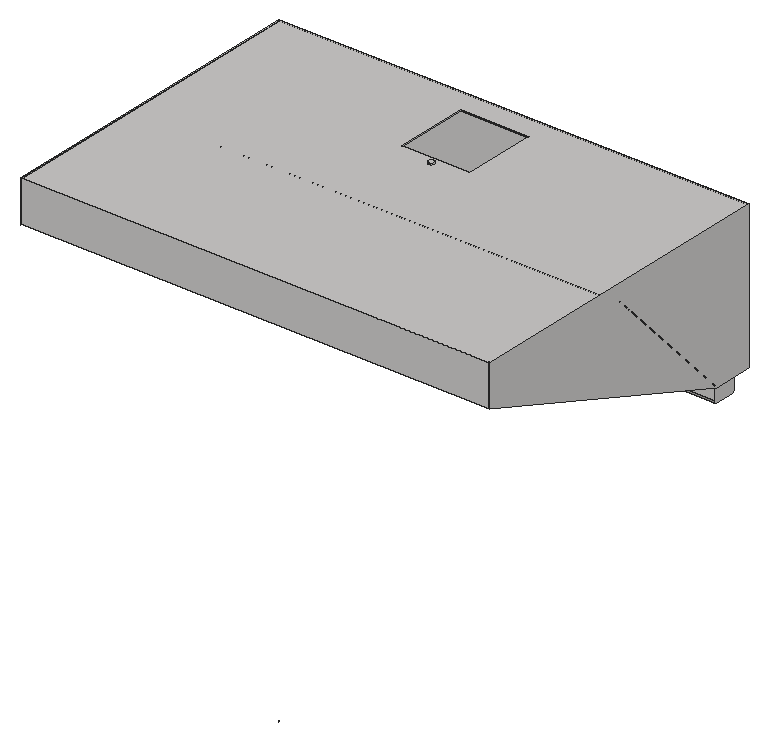
Revit family "QF_ELECTROLUXPROFESSIONAL_644213_AMPV1116DT", category Attrezzature speciali, Revit 2021
Family settings
  Quota connettore circolare = Usa diametro
  Tipo di parte = Normale
  Basato su piano di lavoro = No
  Sempre verticale = Sì
  Taglio con vuoti quando caricato = No
  Condiviso = No
  Punto di calcolo locali = No
Parameters (values of type "Standard")
  Weight = 51.00 kg
  Watts = 300 W
  Volts = 0 V
  URL Manufacturer = "https://www.electroluxprofessional.com/"
  URL = "https://www.electroluxprofessional.com/"
  Steam Supply Size = 0 mm
  Steam Supply Minimum Pressure = 0.0 Pa
  Steam Supply Maximum Pressure = 0.0 Pa
  Steam Consumption per Hour = 0
  Refrigeration Suction Line Size = 0 mm
  Refrigeration Liquid Line Size = 0 mm
  Refrigerant Compressor Remote = yes
  Prospetto di default = 0 mm
  Produttore = "Electrolux Professional"
  Phase = 0
  Modello = "AMPV1116DT"
  Length Actual = 1600 mm  # constant formula
  Item Number = "644213"
  Hot Water Size = 0 mm
  Height Actual = 500 mm  # constant formula
  HP = "0.4 HP"
  Gas Size = 0 mm
  Gas KW = 0
  Gas Input Pressure = 0 W
  Direct Waste Size = 0 mm
  Descrizione = "304 S/S WALL HOOD+FILTERS+FAN 1600X1100"
  Depth Actual = 1100 mm  # constant formula
  Cycle = 50 Hz
  Condensate Return Size = 0 mm
  Compressed Air Volume = 0.0 L/s
  Compressed Air Size = 0 mm
  Compressed Air Pressure = 0.0 Pa
  Cold Water Size = 0 mm
  Accessory = yes
Reference planes
  plane 1 "Center (Front/Back)": y = 0
  plane 2: z = 0
  plane 3 "Center (Left/Right)": x = 150
  plane 4 "LEFT": x = -650
  plane 5 "RIGHT": x = 950
  plane 6 "BACK": y = 550
  plane 7 "FRONT": y = -550
  plane 8 "Plane": z = 2000
  plane 9 "TOP": z = 2140
  plane 10 "Base": z = 1640
  plane 11: z = 1566
  plane 12 "DrainY": y = 485
  plane 13: x = -647
  plane 14: through (0, 414.509, 1640.8) normal (0, 0.7314, 0.682)
  plane 15: y = 470
  plane 16: y = 220
  plane 17 "DrainX": x = 830
  plane 18: x = 33.5
  plane 19: x = 266.5
  plane 20: x = 947
  plane 21: x = 740
  plane 22: x = 920
  plane 23: x = -450
  plane 24: x = 750
  plane 25: x = -47.5
  plane 26: x = 347.5
  plane 27: y = 200
Forms (mm)
  Extrusion 1, solid, material "QF_Finishes_Stainless Steel"
    sketch origin (-650, 0, 0) x (0, 1, 0) y (0, 0, 1)
      loop
        line (550, 1640) -> (550, 2140) -> (-550, 2140) -> (-550, 1999.112) -> (413.973, 1640) -> (550, 1640)
    from 0 to 3
  Extrusion 2, solid, material "QF_Finishes_Stainless Steel"
    sketch origin (150, 0, 0) x (0, 1, 0) y (0, 0, 1)
      loop
        line (415.255, 1640) -> (550, 1640) -> (550, 2139.19) -> (549.2, 2139.19) -> (549.2, 1640.8) -> (415.876, 1640.8) -> (339.347, 1722.867) -> (349.609, 1732.436) -> (348.927, 1733.167) -> (337.934, 1722.917) -> (415.255, 1640)
      loop
        line (-82.203, 2139.19) -> (-82.203, 2118.6) -> (-31.047, 2118.6) -> (34.354, 2048.466) -> (46.028, 2059.352) -> (45.346, 2060.083) -> (34.403, 2049.879) -> (-30.612, 2119.6) -> (-81.203, 2119.6) -> (-81.203, 2139.19) -> (-82.203, 2139.19)
    from -797 to 797
  Extrusion 3, solid, material "QF_Finishes_Stainless Steel"
    sketch origin (950, 0, 0) x (0, 1, 0) y (0, 0, 1)
      loop
        line (550, 1640) -> (550, 2140) -> (-550, 2140) -> (-550, 1999.112) -> (413.973, 1640) -> (550, 1640)
    from 0 to -3
  Extrusion 4, solid, material "QF_Finishes_Stainless Steel"
    sketch origin (150, 0, 0) x (0, 1, 0) y (0, 0, 1)
      loop
        line (-550, 2140) -> (-550, 2000) -> (-549.2, 2000) -> (-549.2, 2139.19) -> (550, 2139.19) -> (550, 2140) -> (-550, 2140)
    from -800 to 800
  Extrusion 5, solid, material "QF_Finishes_Stainless Steel"
    sketch origin (150, 0, 0) x (0, 1, 0) y (0, 0, 1)
      loop
        line (534, 1640) -> (436, 1640) -> (436, 1627) -> (443.5, 1627) -> (443.5, 1576)
        arc (443.5, 1576) -> (446.429, 1568.929) -> (453.5, 1566) r 10
        line (453.5, 1566) -> (516.5, 1566)
        arc (516.5, 1566) -> (523.571, 1568.929) -> (526.5, 1576) r 10
        line (526.5, 1576) -> (526.5, 1627) -> (534, 1627) -> (534, 1640)
    from 590 to 770
  Extrusion 6, solid, material "QF_Finishes_Stainless Steel"
    sketch origin (0, 0, 1640) x (0, 1, 0) y (-1, 0, 0)
      loop
        circle (485, -830) r 20
    from -76 to -74
  Extrusion 7, solid, material "QF_Finished_Chrome"
    sketch origin (150, 0, 0) x (0, 1, 0) y (0, 0, 1)
      loop
        line (337.934, 1722.917) -> (341.591, 1726.327) -> (38.011, 2051.876) -> (34.354, 2048.466) -> (337.934, 1722.917)
    from -197.5 to -600
  Extrusion 8, solid, material "QF_Finishes_Stainless Steel"
    sketch origin (150, 0, 0) x (0, 1, 0) y (0, 0, 1)
      loop
        line (337.934, 1722.917) -> (341.591, 1726.327) -> (38.011, 2051.876) -> (34.354, 2048.466) -> (337.934, 1722.917)
    from 797 to 600
  Extrusion 9, solid, material "QF_Finished_Chrome"
    sketch origin (150, 0, 0) x (0, 1, 0) y (0, 0, 1)
      loop
        line (341.588, 1726.324) -> (38.009, 2051.874) -> (34.354, 2048.466) -> (337.934, 1722.917) -> (341.588, 1726.324)
    from 197.5 to 600
  Extrusion 10, void
    sketch origin (0, 0, 2140) x (0, 1, 0) y (-1, 0, 0)
      loop
        line (470, -266.5) -> (470, -33.5) -> (220, -33.5) -> (220, -266.5) -> (470, -266.5)
    from 0 to -10
  Extrusion 11, solid, material "QF_Finishes_Stainless Steel"
    sketch origin (0, 0, 0) x (1, 0, 0) y (0, 1, 0)
      loop
        line (-650, 550) -> (-650, 549) -> (-649, 549) -> (-649, 550) -> (-650, 550)
    from 0 to 1
  Extrusion 12, solid, material "QF_Finishes_Stainless Steel"
    sketch origin (150, 0, 0) x (0, 1, 0) y (0, 0, 1)
      loop
        line (337.934, 1722.917) -> (341.591, 1726.327) -> (38.011, 2051.876) -> (34.354, 2048.466) -> (337.934, 1722.917)
    from -600 to -797
  Extrusion 13, solid, material "QF_Finishes_Stainless Steel"
    sketch origin (150, 0, 0) x (0, 1, 0) y (0, 0, 1)
      loop
        line (337.934, 1722.917) -> (341.591, 1726.327) -> (38.011, 2051.876) -> (34.354, 2048.466) -> (337.934, 1722.917)
    from 197.5 to -197.5
  Extrusion 14, solid, material "QF_Finishes_Stainless Steel"
    sketch origin (0, 0, 2140) x (0, 1, 0) y (-1, 0, 0)
      loop
        circle (200, -150) r 10
    from 0 to 1.6
Cuts and joins
  Extrusion 10 cuts Extrusion 4
  joined: Extrusion 2, Extrusion 4
Lines and regions (mm)
  reference lines
    curve 1: line (150, 34.354, 2048.466) -> (150, 34.354, 1888.466)
  symbolic lines, style "SpecialityEquipment", detail levels coarse
    curve 2: line (950, 550, 2140) -> (-650, 550, 2140)
    curve 3: line (-650, 550, 2140) -> (-650, -550, 2140)
    curve 4: line (950, -550, 2140) -> (950, 550, 2140)
    curve 5: line (-650, -550, 2140) -> (950, -550, 2140)
    curve 6: line (266.5, 220, 2140) -> (33.5, 220, 2140)
    curve 7: line (266.5, 470, 2140) -> (266.5, 220, 2140)
    curve 8: line (33.5, 470, 2140) -> (266.5, 470, 2140)
    curve 9: line (33.5, 220, 2140) -> (33.5, 470, 2140)
    curve 10: line (-650, 550, 0) -> (950, -550, 0)
    curve 11: line (950, 550, 0) -> (-650, -550, 0)
Dimensions and locks
  plane 4 "LEFT" to plane 5 "RIGHT" = 1600 mm
  equal spacing: plane 4 "LEFT", plane 3 "Center (Left/Right)", plane 5 "RIGHT"
  locked: plane 8 "Plane" to level at 2000
  plane 9 "TOP" to plane 8 "Plane" = 140 mm
  locked: plane 9 "TOP" to plane 10 "Base" at 500
  plane 10 "Base" to plane 11 = 74 mm
  plane 6 "BACK" to plane 12 "DrainY" = 65 mm  (x2)
  plane 4 "LEFT" to plane 13 = 3 mm
  plane 6 "BACK" to plane 15 = 80 mm
  plane 15 to plane 16 = 250 mm  (x2)
  plane 17 "DrainX" to plane 5 "RIGHT" = 120 mm
  plane 20 to plane 5 "RIGHT" = 3 mm
  locked: plane 21 to plane 17 "DrainX" at 90
  locked: plane 17 "DrainX" to plane 22 at 90
  plane 6 "BACK" to plane 7 "FRONT" = 1100 mm  (x2)
  equal spacing: plane 6 "BACK", plane 1 "Center (Front/Back)", plane 7 "FRONT"
  plane 16 to plane 7 "FRONT" = 770 mm
  plane 15 to plane 6 "BACK" = 80 mm
  plane 4 "LEFT" to plane 23 = 200 mm
  plane 24 to plane 5 "RIGHT" = 200 mm
  locked: plane 25 to plane 26 at 395
  equal spacing: plane 25, plane 3 "Center (Left/Right)", plane 26
  locked: plane 18 to plane 19 at 233
  equal spacing: plane 18, plane 3 "Center (Left/Right)", plane 19
  plane 16 to plane 27 = 20 mm
  aligned and locked: level to plane 2
  aligned and locked: Extrusion 2 to Extrusion 1
  aligned and locked: Extrusion 2 to Extrusion 3
  aligned and locked: plane 5 "RIGHT" to Extrusion 4
  aligned and locked: Extrusion 4 to plane 4 "LEFT"
  aligned and locked: plane 20 to Extrusion 8
  aligned and locked: Extrusion 10 to plane 18
  aligned and locked: Extrusion 10 to plane 16
  aligned and locked: Extrusion 10 to plane 15
  aligned and locked: Extrusion 2 to Extrusion 4
  aligned and locked: plane 22 to Extrusion 5
  aligned and locked: Extrusion 5 to plane 21
  aligned and locked: Extrusion 8 to plane 24
  aligned and locked: Extrusion 9 to plane 24
  aligned and locked: Extrusion 7 to plane 23
  aligned and locked: Extrusion 12 to plane 13
  aligned and locked: plane 23 to Extrusion 12
  aligned and locked: Extrusion 3 to plane 20
  aligned and locked: Extrusion 10 to plane 19
  aligned and locked: plane 19 to curve 7
  aligned and locked: plane 26 to Extrusion 13
  aligned and locked: Extrusion 13 to plane 25
  aligned and locked: Extrusion 9 to plane 26
Automatic sketch dimensions
  curve 5 to plane 5 "RIGHT" = 0 mm
  curve 5 to plane 7 "FRONT" = 0 mm
  curve 6 to plane 16 = 0 mm
  plane 15 to curve 8 = 0 mm
  curve 3 to plane 4 "LEFT" = 0 mm
  curve 3 to plane 6 "BACK" = 0 mm
  curve 6 to plane 18 = 0 mm
  Extrusion 1 sketch curve to plane 7 "FRONT" = 0 mm
  Extrusion 1 sketch curve to plane 10 "Base" = 0 mm
  Extrusion 1 sketch curve to plane 6 "BACK" = 0 mm
  Extrusion 1 sketch curve to plane 9 "TOP" = 0 mm
  plane 15 to Extrusion 1 sketch curve = 56.027 mm
  Extrusion 1 sketch curve to plane 8 "Plane" = 0.888 mm
  Extrusion 2 sketch curve to plane 14 = 0 mm  (x3)
  Extrusion 2 sketch curve to plane 10 "Base" = 0 mm
  plane 14 to Extrusion 2 sketch curve = 0 mm
  Extrusion 2 sketch curve to plane 6 "BACK" = 0 mm
  Extrusion 2 sketch curve to Extrusion 2 sketch curve = 65.646 mm
  Extrusion 2 sketch curve to Extrusion 2 sketch curve = 0.682 mm  (x2)
  Extrusion 2 sketch curve to Extrusion 2 sketch curve = 10.261 mm
  plane 10 "Base" to Extrusion 2 sketch curve = 82.917 mm
  Extrusion 2 sketch curve to plane 1 "Center (Front/Back)" = 46.028 mm
  Extrusion 2 sketch curve to Extrusion 2 sketch curve = 10.942 mm
  Extrusion 2 sketch curve to Extrusion 2 sketch curve = 0.049 mm
  Extrusion 2 sketch curve to plane 9 "TOP" = 20.4 mm
  Extrusion 2 sketch curve to plane 9 "TOP" = 21.4 mm
  Extrusion 2 sketch curve to plane 9 "TOP" = 0.81 mm  (x2)
  Extrusion 2 sketch curve to Extrusion 2 sketch curve = 50.156 mm
  Extrusion 2 sketch curve to Extrusion 2 sketch curve = 1 mm
  plane 10 "Base" to Extrusion 2 sketch curve = 0.8 mm
  Extrusion 2 sketch curve to plane 6 "BACK" = 0.8 mm
  Extrusion 3 sketch curve to plane 7 "FRONT" = 0 mm
  Extrusion 3 sketch curve to plane 10 "Base" = 0 mm
  Extrusion 3 sketch curve to plane 6 "BACK" = 0 mm
  Extrusion 3 sketch curve to plane 9 "TOP" = 0 mm
  plane 15 to Extrusion 3 sketch curve = 56.027 mm
  Extrusion 3 sketch curve to plane 8 "Plane" = 0.888 mm
  Extrusion 4 sketch curve to plane 7 "FRONT" = 0 mm
  Extrusion 4 sketch curve to plane 8 "Plane" = 0 mm
  Extrusion 4 sketch curve to plane 6 "BACK" = 0 mm
  Extrusion 4 sketch curve to plane 9 "TOP" = 0 mm
  plane 7 "FRONT" to Extrusion 4 sketch curve = 0.8 mm
  Extrusion 4 sketch curve to plane 9 "TOP" = 0.81 mm
  curve 1 to plane 14 = 0 mm
  curve 1 to plane 1 "Center (Front/Back)" = 34.354 mm
  curve 1 to plane 8 "Plane" = 111.534 mm
  Extrusion 5 sketch curve to plane 10 "Base" = 0 mm
  Extrusion 5 sketch curve to plane 11 = 0 mm
  Extrusion 5 sketch curve to plane 10 "Base" = 13 mm  (x2)
  plane 15 to Extrusion 5 sketch curve = 34 mm
  Extrusion 5 sketch curve to Extrusion 5 sketch curve = 7.5 mm  (x2)
  Extrusion 5 sketch curve to Extrusion 5 sketch curve = 10 mm
  plane 12 "DrainY" to Extrusion 5 sketch curve = 31.5 mm
  Extrusion 5 sketch curve to plane 6 "BACK" = 23.5 mm
  Extrusion 6 sketch curve to plane 12 "DrainY" = 0 mm
  Extrusion 6 sketch curve to plane 17 "DrainX" = 0 mm
  Extrusion 7 sketch curve to plane 14 = 0 mm  (x2)
  Extrusion 7 sketch curve to plane 1 "Center (Front/Back)" = 34.354 mm
  Extrusion 7 sketch curve to Extrusion 7 sketch curve = 3.657 mm
  plane 10 "Base" to Extrusion 7 sketch curve = 82.917 mm
  Extrusion 8 sketch curve to plane 14 = 0 mm  (x2)
  Extrusion 8 sketch curve to plane 1 "Center (Front/Back)" = 34.354 mm
  Extrusion 8 sketch curve to Extrusion 8 sketch curve = 3.657 mm
  plane 10 "Base" to Extrusion 8 sketch curve = 82.917 mm
  Extrusion 9 sketch curve to plane 14 = 0 mm  (x2)
  Extrusion 9 sketch curve to plane 1 "Center (Front/Back)" = 34.354 mm
  Extrusion 9 sketch curve to Extrusion 9 sketch curve = 3.655 mm
  plane 10 "Base" to Extrusion 9 sketch curve = 82.917 mm
  Extrusion 10 sketch curve to plane 16 = 0 mm
  plane 15 to Extrusion 10 sketch curve = 0 mm
  Extrusion 10 sketch curve to plane 19 = 0 mm
  Extrusion 10 sketch curve to plane 18 = 0 mm
  Extrusion 11 sketch curve to plane 4 "LEFT" = 0 mm
  Extrusion 11 sketch curve to plane 6 "BACK" = 0 mm
  plane 4 "LEFT" to Extrusion 11 sketch curve = 1 mm
  Extrusion 11 sketch curve to Extrusion 11 sketch curve = 1 mm
  Extrusion 12 sketch curve to plane 14 = 0 mm  (x2)
  Extrusion 12 sketch curve to plane 1 "Center (Front/Back)" = 34.354 mm
  Extrusion 12 sketch curve to Extrusion 12 sketch curve = 3.657 mm
  plane 10 "Base" to Extrusion 12 sketch curve = 82.917 mm
  Extrusion 13 sketch curve to plane 14 = 0 mm  (x2)
  Extrusion 13 sketch curve to plane 1 "Center (Front/Back)" = 34.354 mm
  Extrusion 13 sketch curve to Extrusion 13 sketch curve = 3.657 mm
  plane 10 "Base" to Extrusion 13 sketch curve = 82.917 mm
  curve 11 to plane 4 "LEFT" = 0 mm
  curve 10 to plane 4 "LEFT" = 0 mm
  curve 11 to plane 5 "RIGHT" = 0 mm
  curve 10 to plane 5 "RIGHT" = 0 mm
  curve 10 to plane 7 "FRONT" = 0 mm
  curve 11 to plane 7 "FRONT" = 0 mm
  curve 11 to plane 6 "BACK" = 0 mm
  curve 10 to plane 6 "BACK" = 0 mm
  Extrusion 14 sketch curve to plane 3 "Center (Left/Right)" = 0 mm
  Extrusion 14 sketch curve to plane 27 = 0 mm
  radius of Extrusion 6 sketch curve = 20 mm
  radius of Extrusion 14 sketch curve = 10 mm
Connectors
  piping at (830, 485, 1564), diameter 20
    settings: on Extrusion 6, index 1, connector inside diameter 609.6 mm, connector length 0 mm, flow factor 0, pipe flow 0.0 L/s, pressure drop 0.0 Pa, fitting loss kfactor 0, connector angle 0.00°, fixture units 0, engagement length 0 mm, angle of deflection 0.00°, flow configuration 1, flow direction 2, fitting loss method 0, system type 16, joint type 0, gender type 0, connector reference index -1, connector utility 0, adjustable connector no, is connector primary yes, connector description "Drain"
  hvac at (150, 345, 2140)
    settings: on Extrusion 10, index 2, duct flow 0.0 L/s, flow factor 0, pres drop 0.0 Pa, loss coef 0, conn angle 0.00°, conn width 250 mm, conn height 233 mm, conn diameter 609.6 mm, duct sys type 3, conn prof type 1, flow config 1, flow direction 2, loss method 0, conn ref index -1, conn util no, is conn primary yes, conn desc "EXHAUST OUTLET"
  electrical at (150, 200, 2141.6)
    settings: on Extrusion 14, index 3, voltage 0 V, apparent load 0 VA, apparent load phase1 0 VA, apparent load phase2 0 VA, apparent load phase3 0 VA, power factor 1, load classification "Other", number of poles 1, system type 30, power factor state 1, is connector primary yes, connector utility no, sub classification motor no, connector description "Electrical Connection"
